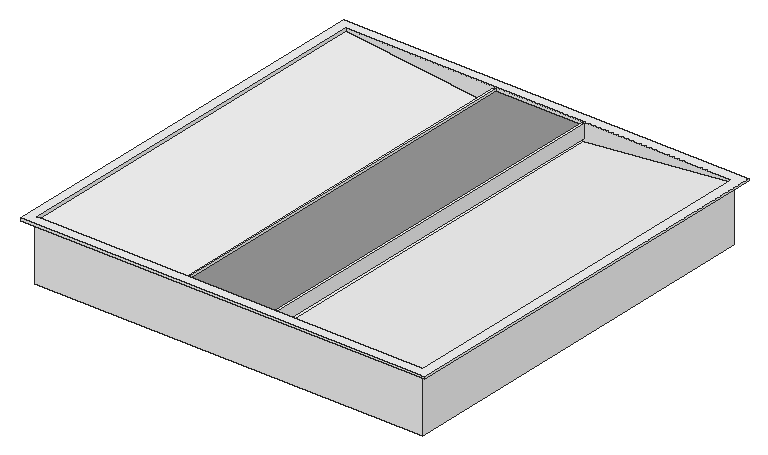
Revit family "2069256 Sylvania Lighting Fixture OFFICELYTE 600 HO 4K DALI", category Lighting Fixtures, host Face, Revit 2017
Family settings
  Host = Face
  Round Connector Dimension = Use Diameter
  Part Type = Normal
  OmniClass Number = 23.80.70.11.17
  OmniClass Title = Specialized Lighting by Location or Use
  Cut with Voids When Loaded = No
  Light Source = Yes
  Shared = No
  Room Calculation Point = No
Parameters (values of type "2069256 OFFICELYTE 600 HO 4K DALI")
  Width_SYL = 595.0 mm
  Weight = "6.0 kg"
  Wattage = 32 W
  WarrantyStartDate [instance] = "n/a"
  WarrantyGuarantorParts = "n/a"
  WarrantyDurationUnit = "n/a"
  WarrantyDurationParts = "n/a"
  WarrantyDescription = "n/a"
  built-in parameter 1150110 = 1 (stored number, unit not read)
  Voltage = 230 V
  URL = "http://www.sylvania-lighting.com"
  TypeName = "OFFICELYTE 600 HO 4K DALI"
  built-in parameter 1114217 = 1 (stored number, unit not read)
  Tilt Angle = -90.00°
  built-in parameter 1150109 = 1 (stored number, unit not read)
  built-in parameter 1150134 = 12
  built-in parameter 1150113 = 1 (stored number, unit not read)
  SerialNumber [instance] = "n/a"
  PowerFactor = 0.98
  PowerConsumption = "32 W"
  Photometric Web File = "2069256.ies"
  NominalWidth = 0.0 mm
  NominalLength = 595.0 mm
  NominalHeight = 87.0 mm
  Name = "OFFICELYTE 600 HO 4K DALI"
  ModelReference = "OFFICELYTE 600 HO 4K DALI"
  ModelNumber = "2069256"
  Material = "zintec housing, acrylic diffuser"
  ManufacturerName = "Feilo Sylvania"
  LuminousEfficacy = "143 lm/W"
  LuminaireType = ""
  LightOutputRatio = "100"
  Length_SYL = Width_SYL  # 595.0 mm
  LampsType = Lamp  # "LED"
  LampNominalLuminous = "4570 lm"
  LampMacAdamStep = "n/a"
  LampColourTemperature = "4000 K"
  LampColourRenderingIndex = "80"
  Keynote = "16500"
  InstallationDate [instance] = "n/a"
  InputVoltage = "230-240V~"
  InputNominalFrequency = "50/60 Hz"
  IngressProtection = "IP20"
  ImpactProtectionIndex = "IK02"
  IfcExportType = "IfcLightFixtureType"
  IfcExportAs = "IfcLightFixtureType"
  Height_SYL = 84.0 mm
  ExpectedLife = 50000
  ElectricShockClassification = "Class I"
  DurationUnit = "hours"
  DocumentationLiterature = "http://www.sylvania-lighting.com/product/en-int/products/2069256"
  DimmingControlOptions = "Dimmable"
  Material_2_SYL = Acrylic_Sylvania_Officelyte LP LED_Satin_4000K
  CreatedOn = "8/23/2018"
  CreatedBy = ""
  built-in parameter 1114216 [instance] = 1 (stored number, unit not read)
  Model = "OFFICELYTE 600 HO 4K DALI"
  Manufacturer = "Havells-Sylvania Group"  # constant formula
  built-in parameter 1150105 = 364.15 (stored number, unit not read)
  Lumens = 4576 lm
  built-in parameter 1150115 = 1 (stored number, unit not read)
  built-in parameter 1150137 = (empty or 0)
  built-in parameter 1150139 = (empty or 0)
  built-in parameter 1150112 = 1 (stored number, unit not read)
  built-in parameter 1150114 = 1 (stored number, unit not read)
  Lamp = "LED"
  built-in parameter 1150132 = 2
  built-in parameter 1150102 = (empty or 0)
  built-in parameter 1150107 = 4000 (stored number, unit not read)
  built-in parameter 1150138 = (empty or 0)
  built-in parameter 1150106 = 3.6415 (stored number, unit not read)
  Material_3_SYL = Steel_Sylvania_Officelyte LP LED_White_RAL 9016
  Emit from Rectangle Width = Width_SYL - 31.0 mm  # 564.0 mm
  Emit from Rectangle Length = Length_SYL - 31.0 mm  # 564.0 mm
  Emit Shape Visible in Rendering = no
  built-in parameter 1150104 = 13.285 (stored number, unit not read)
  Dimming Lamp Color Temperature Shift = <None>
  Material_1_SYL = Steel_Sylvania_Officelyte LP LED_White_RAL 9016
  Description = "The Concord OFFICELYTE LP LED HO 4K 600 is a high efficient luminaire for Office, education, meeting rooms. With efficacy of 95lm/W, at 4549lm, CRI of 85 and a very low glare ratio according to EN12464."  # constant formula
  Default Elevation = 0.0 mm
  Color Filter = 16777215
  built-in parameter 1140040 [instance] = 1
  BarCode [instance] = "n/a"
  built-in parameter 1114218 = 1 (stored number, unit not read)
  built-in parameter 1150133 = 10 (stored number, unit not read)
  AssetType = "Fixed"
  AssetIdentifier [instance] = "n/a"
  Assembly Code = "D5020200"
  Apparent Load = 32 VA
Reference planes
  plane 1 "Center (Front/Back)": y = 0
  plane 2: z = 0
  plane 3 "Center (Left/Right)": x = 0
  plane 4 "Fixture Bottom": z = 3
  plane 5 "Fixture Right": x = 297.5
  plane 6 "Profile Right": x = 284
  plane 7 "Profile Left": x = -284
  plane 8 "Fixture Left": x = -297.5
  plane 9 "Profile Back": y = 284
  plane 10 "Fixture Back": y = 297.5
  plane 11 "Fixture Front": y = -297.5
  plane 12: z = -25
  plane 13 "Box Right": x = 286
  plane 14 "Box Left": x = -286
  plane 15 "Box Back": y = 286
  plane 16 "Box Front": y = -286
  plane 17: x = 66.5
  plane 18: x = -66.5
  plane 19 "Difuser Right": x = 63.5
  plane 20 "Difuser Left": x = -63.5
  plane 21: z = -2
  plane 22: z = -4
  plane 23 "Profile Front": y = -284
  plane 24 "Fixture Top": z = -84
  plane 25 "Box Thickness": z = -82
  plane 26: z = -20
Forms (mm)
  Extrusion 1, void
    sketch origin (0, 0, 59) x (-1, 0, 0) y (0, -1, 0)
      loop
        line (-286, -286) -> (286, -286) -> (286, 286) -> (-286, 286) -> (-286, -286)
    from -141 to -56
  Extrusion 2, solid, material "Steel_Sylvania_Officelyte LP LED_White_RAL 9016" <- "Material_3_SYL", detail levels fine
    sketch origin (20, 0, 59) x (-1, 0, 0) y (0, -1, 0)
      loop
        line (-277.5, -297.5) -> (317.5, -297.5) -> (317.5, 297.5) -> (-277.5, 297.5) -> (-277.5, -297.5)
      loop
        line (304, -284) -> (304, 284) -> (-264, 284) -> (-264, -284) -> (304, -284)
    from -59 to -56
  Extrusion 3, solid, material "Steel_Sylvania_Officelyte LP LED_White_RAL 9016" <- "Material_3_SYL", detail levels fine
    sketch origin (0, 0, 0) x (1, 0, 0) y (0, 0, 1)
      loop
        arc (-65.868, -23.244) -> (-175.523, -17.552) -> (-284, -0.537) r 1059.086
        line (-284, -0.537) -> (-284, -2.581)
        arc (-284, -2.581) -> (-175.521, -19.563) -> (-65.868, -25.244) r 1061.086
        line (-65.868, -25.244) -> (65.87, -25.244)
        arc (65.87, -25.244) -> (175.522, -19.563) -> (284, -2.581) r 1061.094
        line (284, -2.581) -> (284, -0.538)
        arc (284, -0.538) -> (175.524, -17.552) -> (65.87, -23.244) r 1059.094
        line (65.87, -23.244) -> (-65.868, -23.244)
    from -284 to 284
  Extrusion 4, solid, material "Steel_Sylvania_Officelyte LP LED_White_RAL 9016" <- "Material_3_SYL", detail levels fine
    sketch origin (0, 0, 59) x (-1, 0, 0) y (0, -1, 0)
      loop
        line (284, -284) -> (284, 284) -> (-284, 284) -> (-284, -284) -> (284, -284)
      loop
        line (286, -286) -> (286, 286) -> (-286, 286) -> (-286, -286) -> (286, -286)
    from -141 to -59
  Extrusion 5, solid, material "Steel_Sylvania_Officelyte LP LED_White_RAL 9016" <- "Material_3_SYL", detail levels fine
    sketch origin (0, 0, 59) x (-1, 0, 0) y (0, -1, 0)
      loop
        line (66.5, -284) -> (66.5, 284) -> (63.5, 284) -> (63.5, -284) -> (66.5, -284)
      loop
        line (-66.5, 284) -> (-66.5, -284) -> (-63.5, -284) -> (-63.5, 284) -> (-66.5, 284)
    from -79 to -59
  Extrusion 6, solid, material "Acrylic_Sylvania_Officelyte LP LED_Satin_4000K" <- "Material_2_SYL", detail levels fine
    sketch origin (0, 0, -581) x (-1, 0, 0) y (0, -1, 0)
      loop
        line (-63.5, -284) -> (63.5, -284) -> (63.5, 284) -> (-63.5, 284) -> (-63.5, -284)
    from 577 to 579
  Extrusion 7, solid, material "Steel_Sylvania_Officelyte LP LED_White_RAL 9016" <- "Material_1_SYL", detail levels coarse+medium
    sketch origin (0, 0, 59) x (-1, 0, 0) y (0, -1, 0)
      loop
        line (297.5, -297.5) -> (297.5, 297.5) -> (-297.5, 297.5) -> (-297.5, -297.5) -> (297.5, -297.5)
    from -59 to -56
  Extrusion 8, solid, material "Steel_Sylvania_Officelyte LP LED_White_RAL 9016" <- "Material_1_SYL", detail levels coarse+medium
    sketch origin (0, 0, -501) x (-1, 0, 0) y (0, -1, 0)
      loop
        line (286, -286) -> (286, 286) -> (-286, 286) -> (-286, -286) -> (286, -286)
    from 417 to 501
  Extrusion 9, solid, material "Steel_Sylvania_Officelyte LP LED_White_RAL 9016" <- "Material_3_SYL", detail levels fine
    sketch origin (0, 0, 59) x (-1, 0, 0) y (0, -1, 0)
      loop
        line (-286, -286) -> (286, -286) -> (286, 286) -> (-286, 286) -> (-286, -286)
    from -143 to -141
Cuts and joins
  joined: Extrusion 2, Extrusion 4, Extrusion 9
  joined: Extrusion 3, Extrusion 5
Lines and regions (mm)
  symbolic lines
    curve 1: line (-297.5, 297.5, 59) -> (297.5, 297.5, 59)
    curve 2: line (-297.5, -297.5, 59) -> (-297.5, 297.5, 59)
    curve 3: line (297.5, -297.5, 59) -> (-297.5, -297.5, 59)
    curve 4: line (297.5, 297.5, 59) -> (297.5, -297.5, 59)
Dimensions and locks
  "Height_SYL": host face to plane 24 "Fixture Top"
  locked: plane 25 "Box Thickness" to plane 24 "Fixture Top" at 2
  "Width_SYL": plane 10 "Fixture Back" to plane 11 "Fixture Front"
  "Length_SYL": plane 8 "Fixture Left" to plane 5 "Fixture Right"
  equal spacing: plane 10 "Fixture Back", plane 1 "Center (Front/Back)", plane 11 "Fixture Front"
  equal spacing: plane 8 "Fixture Left", plane 3 "Center (Left/Right)", plane 5 "Fixture Right"
  locked: plane 18 to plane 20 "Difuser Left" at 3
  locked: plane 19 "Difuser Right" to plane 17 at 3
  plane 8 "Fixture Left" to plane 14 "Box Left" to plane 7 "Profile Left" = 11.5 mm locked, 2.0 mm locked
  plane 10 "Fixture Back" to plane 15 "Box Back" to plane 9 "Profile Back" = 11.5 mm locked, 2.0 mm locked
  plane 6 "Profile Right" to plane 13 "Box Right" to plane 5 "Fixture Right" = 2.0 mm locked, 11.5 mm locked
  plane 23 "Profile Front" to plane 16 "Box Front" to plane 11 "Fixture Front" = 2.0 mm locked, 11.5 mm locked
  plane 4 "Fixture Bottom" to plane 2 to plane 21 to plane 22 to plane 12 = 3.0 mm locked, 2.0 mm locked, 2.0 mm locked, 21.0 mm locked
  aligned and locked: plane 2 to host face
  aligned and locked: level to host face
  aligned and locked: plane 1 "Center (Front/Back)" to imposter light
  aligned and locked: plane 10 "Fixture Back" to Extrusion 2
  aligned and locked: plane 8 "Fixture Left" to Extrusion 2
  aligned and locked: Extrusion 2 to plane 7 "Profile Left"
  aligned and locked: Extrusion 2 to plane 5 "Fixture Right"
  aligned and locked: plane 6 "Profile Right" to Extrusion 2
  aligned and locked: Extrusion 2 to plane 11 "Fixture Front"
  aligned and locked: plane 4 "Fixture Bottom" to Extrusion 2
  aligned and locked: plane 18 to Extrusion 5 sketch curve
  aligned and locked: Extrusion 5 sketch curve to plane 17
  aligned and locked: plane 19 "Difuser Right" to Extrusion 5 sketch curve
  aligned and locked: Extrusion 5 sketch curve to plane 20 "Difuser Left"
  aligned and locked: plane 19 "Difuser Right" to Extrusion 6 sketch curve
  aligned and locked: Extrusion 6 sketch curve to plane 20 "Difuser Left"
  aligned and locked: plane 21 to Extrusion 6
  aligned and locked: Extrusion 6 to plane 22
  aligned and locked: Extrusion 7 sketch curve to plane 10 "Fixture Back"
  aligned and locked: plane 5 "Fixture Right" to Extrusion 7 sketch curve
  aligned and locked: plane 11 "Fixture Front" to Extrusion 7 sketch curve
  aligned and locked: Extrusion 7 sketch curve to plane 8 "Fixture Left"
  aligned and locked: plane 4 "Fixture Bottom" to Extrusion 7
  aligned and locked: Extrusion 8 to plane 24 "Fixture Top"
  aligned and locked: level to Extrusion 8
  aligned and locked: plane 5 "Fixture Right" to curve 4
  aligned and locked: curve 1 to plane 10 "Fixture Back"
  aligned and locked: curve 2 to plane 8 "Fixture Left"
  aligned and locked: plane 11 "Fixture Front" to curve 3
  aligned and locked: plane 9 "Profile Back" to Extrusion 4
  aligned and locked: Extrusion 4 sketch curve to plane 9 "Profile Back"
  aligned and locked: Extrusion 4 to Extrusion 1
  aligned and locked: imposter light to Extrusion 1
  aligned and locked: Extrusion 9 to plane 24 "Fixture Top"
  aligned and locked: plane 25 "Box Thickness" to Extrusion 9
  aligned and locked: cut or joined group of Extrusion 2, Extrusion 4, Extrusion 9 to plane 25 "Box Thickness"
  aligned and locked: Extrusion 4 sketch curve to plane 13 "Box Right"
  aligned and locked: plane 15 "Box Back" to Extrusion 4 sketch curve
  aligned and locked: Extrusion 4 sketch curve to plane 14 "Box Left"
  aligned and locked: plane 16 "Box Front" to Extrusion 4 sketch curve
  aligned and locked: Extrusion 9 sketch curve to plane 16 "Box Front"
  aligned and locked: plane 13 "Box Right" to Extrusion 9 sketch curve
  aligned and locked: Extrusion 9 sketch curve to plane 15 "Box Back"
  aligned and locked: Extrusion 9 sketch curve to plane 14 "Box Left"
  aligned and locked: plane 7 "Profile Left" to cut or joined group of Extrusion 3, Extrusion 5
  aligned and locked: cut or joined group of Extrusion 3, Extrusion 5 to plane 6 "Profile Right"
  aligned and locked: plane 9 "Profile Back" to cut or joined group of Extrusion 3, Extrusion 5
  aligned and locked: cut or joined group of Extrusion 3, Extrusion 5 to plane 23 "Profile Front"
  aligned and locked: plane 23 "Profile Front" to Extrusion 5 sketch curve
  aligned and locked: Extrusion 5 sketch curve to plane 9 "Profile Back"
  aligned and locked: Extrusion 8 sketch curve to plane 13 "Box Right"
  aligned and locked: plane 15 "Box Back" to Extrusion 8 sketch curve
  aligned and locked: plane 16 "Box Front" to Extrusion 8 sketch curve
  aligned and locked: plane 14 "Box Left" to Extrusion 8 sketch curve
  aligned and locked: Extrusion 1 sketch curve to Extrusion 8  (x4)
  aligned and locked: Extrusion 6 sketch curve to plane 23 "Profile Front"
  aligned and locked: plane 9 "Profile Back" to Extrusion 6 sketch curve
  aligned and locked: cut or joined group of Extrusion 3, Extrusion 5 to plane 26
  aligned and locked: plane 4 "Fixture Bottom" to imposter light
Automatic sketch dimensions
  host sketch curve to host sketch curve = 1305.563 mm
  host sketch curve to host sketch curve = 1414.187 mm
  Extrusion 2 sketch curve to plane 5 "Fixture Right" = 0.0 mm
  Extrusion 2 sketch curve to plane 6 "Profile Right" = 0.0 mm
  Extrusion 2 sketch curve to plane 7 "Profile Left" = 0.0 mm
  Extrusion 2 sketch curve to plane 8 "Fixture Left" = 0.0 mm
  Extrusion 2 sketch curve to plane 10 "Fixture Back" = 0.0 mm
  plane 9 "Profile Back" to Extrusion 2 sketch curve = 0.0 mm
  Extrusion 2 sketch curve to plane 23 "Profile Front" = 0.0 mm
  Extrusion 2 sketch curve to plane 11 "Fixture Front" = 0.0 mm
  Extrusion 3 sketch curve to Extrusion 3 sketch curve = 0.0 mm  (x2)
  Extrusion 3 sketch curve to Extrusion 3 sketch curve = 0.001 mm  (x2)
  Extrusion 3 sketch curve to level = 0.537 mm
  plane 14 "Box Left" to Extrusion 3 sketch curve = 2.0 mm
  Extrusion 3 sketch curve to plane 12 = 0.244 mm
  plane 18 to Extrusion 3 sketch curve = 0.632 mm
  Extrusion 3 sketch curve to plane 17 = 0.63 mm
  Extrusion 3 sketch curve to level = 0.538 mm
  Extrusion 3 sketch curve to plane 13 "Box Right" = 2.0 mm
  Extrusion 3 sketch curve to level = 23.244 mm
  Extrusion 4 sketch curve to plane 6 "Profile Right" = 0.0 mm
  Extrusion 4 sketch curve to plane 7 "Profile Left" = 0.0 mm
  Extrusion 4 sketch curve to plane 23 "Profile Front" = 0.0 mm
  Extrusion 5 sketch curve to plane 9 "Profile Back" = 0.0 mm
  Extrusion 5 sketch curve to plane 23 "Profile Front" = 0.0 mm
Connectors
  electrical at (0, 0, -84), driven by "Apparent Load"
    settings: on Extrusion 8, index 1, voltage 230 V, apparent load 0 VA, apparent load phase1 32 VA, apparent load phase2 0 VA, apparent load phase3 0 VA, power factor 1, load classification "Lighting", number of poles 1, system type 31, power factor state 1, is connector primary yes, connector utility no, sub classification motor no, connector description ""
